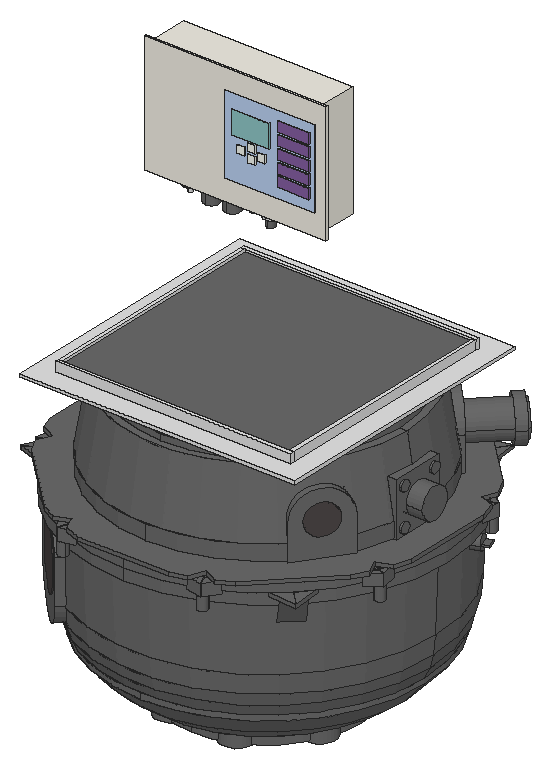
Revit family "280530sc (200)", category Generic Models, Revit 2021 (continued)
Definition of nested family "280530sc (200)_part2_X0Y0"
  Definition of nested family "280530sc (200)_part2_content"
    Forms (mm)
      Revolve 14, solid, detail levels medium+fine
        sketch origin (0, 0, 344.5) x (0, 0, 1) y (-1, 0, 0)
          axis (106.5, 0) -> (0, 0)
        angle from -360 to 0
      Extrusion 15, solid, detail levels medium+fine
        sketch origin (0, 0, 451) x (0, 1, 0) y (-1, 0, 0)
          loop
            circle (0, 0) r 214.5
        from 0 to 10
      Extrusion 16, solid, detail levels medium+fine
        sketch origin (-190, -190, 461) x (0, 1, 0) y (0, 0, 1)
          loop
            line (0, 7.5) -> (0, 0) -> (380, 0) -> (380, 7.5) -> (0, 7.5)
        from 0 to 380
      Extrusion 17, solid, detail levels medium+fine
        sketch origin (0, 0, 461) x (0, 1, 0) y (-1, 0, 0)
          loop
            circle (0, 0) r 208.5
        from 0 to 7.5
      Extrusion 18, solid, detail levels medium+fine
        sketch origin (-222, -222, 468.5) x (0, 1, 0) y (0, 0, 1)
          loop
            line (0, 5) -> (0, 0) -> (444, 0) -> (444, 5) -> (0, 5)
        from 0 to 444
      Extrusion 19, solid, detail levels medium+fine
        sketch origin (-184, -184, 473.5) x (0, 1, 0) y (0, 0, 1)
          loop
            line (0, 12) -> (0, 0) -> (368, 0) -> (368, 12) -> (0, 12)
        from 0 to 368
      Extrusion 20, solid, detail levels medium+fine
        sketch origin (0, 60, 320) x (0, -1, 0) y (0, 0, 1)
          loop
            line (0, 50) -> (0, 0) -> (120, 0) -> (120, 50) -> (0, 50)
        from 0 to 245.5
      Extrusion 21, solid, detail levels medium+fine
        sketch origin (0, 0, 370) x (0, -1, 0) y (0, 0, 1)
          loop
            circle (0, 0) r 60
        from 0 to 245.5
      Extrusion 22, solid, detail levels medium+fine
        sketch origin (-244, 0, 370) x (0, -1, 0) y (0, 0, 1)
          loop
            circle (0, 0) r 35.1
        from 0 to 1.75
      Extrusion 23, solid, detail levels medium+fine
        sketch origin (31.82, -31.82, 320) x (-0.707107, 0.707107, 0) y (0, 0, 1)
          loop
            line (0, 55.25) -> (0, 0) -> (90, 0) -> (90, 55.25) -> (0, 55.25)
        from 0 to 245.5
      Extrusion 24, solid, detail levels medium+fine
        sketch origin (0, 0, 375.25) x (-0.707107, 0.707107, 0) y (0, 0, 1)
          loop
            circle (0, 0) r 45
        from 0 to 245.5
      Extrusion 25, solid, detail levels medium+fine
        sketch origin (0, 0, 370) x (-0.707107, 0.707107, 0) y (0, 0, 1)
          loop
            circle (0, 0) r 27.7
        from 0 to 311.36
      Extrusion 26, solid, detail levels medium+fine
        sketch origin (0, 27.5, 332.75) x (0, 1, 0) y (0, 0, 1)
          loop
            circle (0, 0) r 8
        from 0 to 250
      Extrusion 27, solid, detail levels medium+fine
        sketch origin (0, -46.25, 320) x (0, 1, 0) y (0, 0, 1)
          loop
            line (0, 86.5) -> (0, 0) -> (86.5, 0) -> (86.5, 86.5) -> (0, 86.5)
        from 0 to 245.5
      Extrusion 28, solid, detail levels medium+fine
        sketch origin (0, -3, 363.25) x (0, 1, 0) y (0, 0, 1)
          loop
            circle (0, 0) r 24.75
        from 0 to 272.5
      Extrusion 29, solid, detail levels medium+fine
        sketch origin (0, 27.5, 393.75) x (0, 1, 0) y (0, 0, 1)
          loop
            circle (0, 0) r 8
        from 0 to 250
      Extrusion 30, solid, detail levels medium+fine
        sketch origin (0, -33.5, 332.75) x (0, 1, 0) y (0, 0, 1)
          loop
            circle (0, 0) r 8
        from 0 to 250
      Extrusion 31, solid, detail levels medium+fine
        sketch origin (0, -33.5, 393.75) x (0, 1, 0) y (0, 0, 1)
          loop
            circle (0, 0) r 8
        from 0 to 250
      Extrusion 32, solid, detail levels medium+fine
        sketch origin (-25.811, -36.862, 320) x (0.573577, 0.819152, 0) y (0, 0, 1)
          loop
            line (0, 55.25) -> (0, 0) -> (90, 0) -> (90, 55.25)
            arc (90, 55.25) -> (45, 100.25) -> (0, 55.25) r 45
        from 0 to 245.5
      Extrusion 33, solid, detail levels medium+fine
        sketch origin (199.873, -139.953, 375.25) x (0.573577, 0.819152, 0) y (0, 0, 1)
          loop
            circle (0, 0) r 25
        from 0 to 1.75
      Extrusion 34, solid, detail levels medium+fine
        sketch origin (-53.002, 127.957, 0) x (-0.92388, -0.382683, 0) y (0.382683, -0.92388, 0)
          loop
            circle (0, 0) r 25
        from 0 to 28.5
      Extrusion 35, solid, detail levels medium+fine
        sketch origin (-127.957, -53.002, 0) x (0.382683, -0.92388, 0) y (0.92388, 0.382683, 0)
          loop
            circle (0, 0) r 25
        from 0 to 28.5
      Extrusion 36, solid, detail levels medium+fine
        sketch origin (53.002, -127.957, 0) x (0.92388, 0.382683, 0) y (-0.382683, 0.92388, 0)
          loop
            circle (0, 0) r 25
        from 0 to 28.5
      Extrusion 37, solid, detail levels medium+fine
        sketch origin (53.002, 127.957, 0) x (-0.923879, 0.382684, 0) y (-0.382684, -0.923879, 0)
          loop
            circle (0, 0) r 25
        from 0 to 28.5
      Extrusion 38, solid, detail levels medium+fine
        sketch origin (-127.957, 53.002, 0) x (-0.382684, -0.923879, 0) y (0.923879, -0.382684, 0)
          loop
            circle (0, 0) r 25
        from 0 to 28.5
      Extrusion 39, solid, detail levels medium+fine
        sketch origin (-53.002, -127.957, 0) x (0.923879, -0.382684, 0) y (0.382684, 0.923879, 0)
          loop
            circle (0, 0) r 25
        from 0 to 28.5
      Extrusion 40, solid, detail levels medium+fine
        sketch origin (127.957, -53.002, 0) x (0.382684, 0.923879, 0) y (-0.923879, 0.382684, 0)
          loop
            circle (0, 0) r 25
        from 0 to 28.5
      Extrusion 41, solid, detail levels medium+fine
        sketch origin (127.957, 53.002, 0) x (-0.382683, 0.92388, 0) y (-0.92388, -0.382683, 0)
          loop
            circle (0, 0) r 25
        from 0 to 28.5
      Extrusion 42, solid, detail levels medium+fine
        sketch origin (0, 0, 209) x (0, -1, 0) y (0, 0, 1)
          loop
            line (-72.693, 35.337) -> (-68.918, -37.767)
            arc (-68.918, -37.767) -> (-63.198, -56.139) -> (-50.593, -70.678) r 46.983
            line (-50.593, -70.678) -> (-49.193, -71.697)
            arc (-49.193, -71.697) -> (-25.794, -83.147) -> (0, -86.788) r 83.079
            arc (0, -86.788) -> (25.794, -83.147) -> (49.193, -71.697) r 83.079
            line (49.193, -71.697) -> (50.593, -70.678)
            arc (50.593, -70.678) -> (63.198, -56.139) -> (68.918, -37.767) r 46.983
            line (68.918, -37.767) -> (72.693, 35.337)
            arc (72.693, 35.337) -> (71.616, 38.805) -> (69.783, 41.939) r 15.989
            arc (69.783, 41.939) -> (60.032, 51.336) -> (48.652, 58.679) r 69.984
            line (48.652, 58.679) -> (47.252, 59.417)
            arc (47.252, 59.417) -> (24.369, 68.322) -> (0, 71.344) r 99.373
            arc (0, 71.344) -> (-24.369, 68.322) -> (-47.252, 59.417) r 99.373
            line (-47.252, 59.417) -> (-48.652, 58.679)
            arc (-48.652, 58.679) -> (-60.032, 51.336) -> (-69.783, 41.939) r 69.984
            arc (-69.783, 41.939) -> (-71.616, 38.805) -> (-72.693, 35.337) r 15.989
        from 0 to 277.5
      Extrusion 43, solid, detail levels medium+fine
        sketch origin (0, 0, 209) x (0, -1, 0) y (0, 0, 1)
          loop
            circle (0, 0) r 55
        from 0 to 326
      Extrusion 44, solid, detail levels medium+fine
        sketch origin (0, 0, 209) x (0.707107, -0.707107, 0) y (0, 0, 1)
          loop
            line (-72.693, 35.337) -> (-68.918, -37.767)
            arc (-68.918, -37.767) -> (-63.198, -56.139) -> (-50.593, -70.678) r 46.983
            line (-50.593, -70.678) -> (-49.193, -71.697)
            arc (-49.193, -71.697) -> (-25.794, -83.147) -> (0, -86.788) r 83.079
            arc (0, -86.788) -> (25.794, -83.147) -> (49.193, -71.697) r 83.079
            line (49.193, -71.697) -> (50.593, -70.678)
            arc (50.593, -70.678) -> (63.198, -56.139) -> (68.918, -37.767) r 46.983
            line (68.918, -37.767) -> (72.693, 35.337)
            arc (72.693, 35.337) -> (71.616, 38.805) -> (69.783, 41.939) r 15.989
            arc (69.783, 41.939) -> (60.032, 51.336) -> (48.652, 58.679) r 69.984
            line (48.652, 58.679) -> (47.252, 59.417)
            arc (47.252, 59.417) -> (24.369, 68.322) -> (0, 71.344) r 99.373
            arc (0, 71.344) -> (-24.369, 68.322) -> (-47.252, 59.417) r 99.373
            line (-47.252, 59.417) -> (-48.652, 58.679)
            arc (-48.652, 58.679) -> (-60.032, 51.336) -> (-69.783, 41.939) r 69.984
            arc (-69.783, 41.939) -> (-71.616, 38.805) -> (-72.693, 35.337) r 15.989
        from 0 to 277.5
      Extrusion 45, solid, detail levels medium+fine
        sketch origin (0, 0, 209) x (-0.707107, -0.707107, 0) y (0, 0, 1)
          loop
            line (-72.693, 35.337) -> (-68.918, -37.767)
            arc (-68.918, -37.767) -> (-63.198, -56.139) -> (-50.593, -70.678) r 46.983
            line (-50.593, -70.678) -> (-49.193, -71.697)
            arc (-49.193, -71.697) -> (-25.794, -83.147) -> (0, -86.788) r 83.079
            arc (0, -86.788) -> (25.794, -83.147) -> (49.193, -71.697) r 83.079
            line (49.193, -71.697) -> (50.593, -70.678)
            arc (50.593, -70.678) -> (63.198, -56.139) -> (68.918, -37.767) r 46.983
            line (68.918, -37.767) -> (72.693, 35.337)
            arc (72.693, 35.337) -> (71.616, 38.805) -> (69.783, 41.939) r 15.989
            arc (69.783, 41.939) -> (60.032, 51.336) -> (48.652, 58.679) r 69.984
            line (48.652, 58.679) -> (47.252, 59.417)
            arc (47.252, 59.417) -> (24.369, 68.322) -> (0, 71.344) r 99.373
            arc (0, 71.344) -> (-24.369, 68.322) -> (-47.252, 59.417) r 99.373
            line (-47.252, 59.417) -> (-48.652, 58.679)
            arc (-48.652, 58.679) -> (-60.032, 51.336) -> (-69.783, 41.939) r 69.984
            arc (-69.783, 41.939) -> (-71.616, 38.805) -> (-72.693, 35.337) r 15.989
        from 0 to 277.5
      Extrusion 46, solid, detail levels medium+fine
        sketch origin (-195.161, -195.161, 209) x (0.707107, -0.707107, 0) y (0, 0, 1)
          loop
            circle (0, 0) r 50.1
        from 0 to 1.75
      Extrusion 47, solid, detail levels medium+fine
        sketch origin (-195.162, 195.162, 209) x (-0.707107, -0.707107, 0) y (0, 0, 1)
          loop
            circle (0, 0) r 50.1
        from 0 to 1.75
      Extrusion 48, solid, detail levels medium+fine
        sketch origin (3.25, -5.129, 264.5) x (-0.34202, 0.939693, 0) y (0, 0, 1)
          loop
            circle (0, 0) r 11
        from 0 to 288
      Extrusion 49, solid, detail levels medium+fine
        sketch origin (7.75, -12.923, 263) x (-0.34202, 0.939693, 0) y (0, 0, 1)
          loop
            line (0, 3) -> (0, 0) -> (18, 0) -> (18, 3) -> (0, 3)
        from 0 to 298
      Extrusion 50, solid, detail levels medium+fine
        sketch origin (272.082, 112.7, 273) x (-0.382683, 0.92388, 0) y (-0.92388, -0.382683, 0)
          loop
            circle (0, 0) r 7.75
        from 0 to 21.5
      Extrusion 51, solid, detail levels medium+fine
        sketch origin (265.153, 109.83, 314) x (0.92388, 0.382683, 0) y (0.382683, -0.92388, 0)
          loop
            line (17, 0) -> (0, 0) -> (0, -25) -> (17, 0)
        from 0 to 19.5
      Extrusion 52, solid, detail levels medium+fine
        sketch origin (265.153, 109.83, 294.5) x (0.382683, -0.92388, 0) y (0.92388, 0.382683, 0)
          loop
            line (0, 17) -> (0, 0) -> (25, 0) -> (0, 17)
        from 0 to 19.5
      Extrusion 53, solid, detail levels medium+fine
        sketch origin (220.165, 220.165, 370) x (-0.707107, 0.707107, 0) y (0, 0, 1)
          loop
            circle (0, 0) r 34.75
        from 0 to 15.7
      Extrusion 54, solid, detail levels medium+fine
        sketch origin (230.559, 230.559, 370) x (-0.707107, 0.707107, 0) y (0, 0, 1)
          loop
            circle (0, 0) r 27.7
        from 0 to 4.8
      Extrusion 55, solid, detail levels medium+fine
        sketch origin (232.893, 232.893, 370) x (-0.707107, 0.707107, 0) y (0, 0, 1)
          loop
            circle (0, 0) r 20
        from 0 to 1.7
      Extrusion 56, solid, detail levels medium+fine
        sketch origin (225.963, 240.105, 364) x (-0.707107, 0.707107, 0) y (0, 0, 1)
          loop
            circle (0, 0) r 4.2
        from 0 to 1.8
      Extrusion 57, solid, detail levels medium+fine
        sketch origin (240.105, 225.963, 364) x (-0.707107, 0.707107, 0) y (0, 0, 1)
          loop
            circle (0, 0) r 4.2
        from 0 to 1.8
      Extrusion 58, solid, detail levels medium+fine
        sketch origin (240.105, 225.963, 376) x (-0.707107, 0.707107, 0) y (0, 0, 1)
          loop
            circle (0, 0) r 4.2
        from 0 to 1.8
      Extrusion 59, solid, detail levels medium+fine
        sketch origin (225.963, 240.105, 376) x (-0.707107, 0.707107, 0) y (0, 0, 1)
          loop
            circle (0, 0) r 4.2
        from 0 to 1.8
      Extrusion 60, solid, detail levels medium+fine
        sketch origin (-259.107, -87.843, 294.5) x (-0.92388, -0.382683, 0) y (0, 0, -1)
          loop
            line (0, 48.5) -> (0, 0) -> (29.9, 0) -> (0, 48.5)
        from 0 to 36
      Extrusion 61, solid, detail levels medium+fine
        sketch origin (-272.082, -112.7, 273) x (0.382683, -0.92388, 0) y (0.92388, 0.382683, 0)
          loop
            circle (0, 0) r 7.75
        from 0 to 21.5
      Extrusion 62, solid, detail levels medium+fine
        sketch origin (-265.153, -109.83, 300) x (-0.92388, -0.382683, 0) y (-0.382683, 0.92388, 0)
          loop
            line (36.5, 0) -> (0, 0) -> (0, -32) -> (36.5, 0)
        from 0 to 5.5
      Extrusion 63, solid, detail levels medium+fine
        sketch origin (-265.153, -109.83, 314) x (-0.92388, -0.382683, 0) y (-0.382683, 0.92388, 0)
          loop
            line (17, 0) -> (0, 0) -> (0, -25) -> (17, 0)
        from 0 to 14
      Extrusion 64, solid, detail levels medium+fine
        sketch origin (-265.153, -109.83, 294.5) x (-0.382683, 0.92388, 0) y (-0.92388, -0.382683, 0)
          loop
            line (0, 36.5) -> (0, 0) -> (32, 0) -> (0, 36.5)
        from 0 to 5.5
      Extrusion 65, solid, detail levels medium+fine
        sketch origin (-265.153, -109.83, 300) x (-0.382683, 0.92388, 0) y (-0.92388, -0.382683, 0)
          loop
            line (0, 17) -> (0, 0) -> (25, 0) -> (0, 17)
        from 0 to 14
      Extrusion 66, solid, detail levels medium+fine
        sketch origin (-245.331, 121.102, 294.5) x (-0.923879, 0.382684, 0) y (0, 0, -1)
          loop
            line (0, 48.5) -> (0, 0) -> (29.9, 0) -> (0, 48.5)
        from 0 to 36
      Extrusion 67, solid, detail levels medium+fine
        sketch origin (-272.082, 112.7, 273) x (-0.382684, -0.923879, 0) y (0.923879, -0.382684, 0)
          loop
            circle (0, 0) r 7.75
        from 0 to 21.5
      Extrusion 68, solid, detail levels medium+fine
        sketch origin (-265.153, 109.83, 300) x (-0.923879, 0.382684, 0) y (0.382684, 0.923879, 0)
          loop
            line (36.5, 0) -> (0, 0) -> (0, -32) -> (36.5, 0)
        from 0 to 5.5
      Extrusion 69, solid, detail levels medium+fine
        sketch origin (-265.153, 109.83, 314) x (-0.923879, 0.382684, 0) y (0.382684, 0.923879, 0)
          loop
            line (17, 0) -> (0, 0) -> (0, -25) -> (17, 0)
        from 0 to 14
      Extrusion 70, solid, detail levels medium+fine
        sketch origin (-265.153, 109.83, 294.5) x (0.382684, 0.923879, 0) y (-0.923879, 0.382684, 0)
          loop
            line (0, 36.5) -> (0, 0) -> (32, 0) -> (0, 36.5)
        from 0 to 5.5
      Extrusion 71, solid, detail levels medium+fine
        sketch origin (-265.153, 109.83, 300) x (0.382684, 0.923879, 0) y (-0.923879, 0.382684, 0)
          loop
            line (0, 17) -> (0, 0) -> (25, 0) -> (0, 17)
        from 0 to 14
      Extrusion 72, solid, detail levels medium+fine
        sketch origin (-190, 184, 473.5) x (0, 1, 0) y (0, 0, 1)
          loop
            line (0, 15) -> (0, 0) -> (6, 0) -> (6, 15) -> (0, 15)
        from 0 to 380
      Extrusion 73, solid, detail levels medium+fine
        sketch origin (-190, -190, 473.5) x (0, 1, 0) y (0, 0, 1)
          loop
            line (0, 15) -> (0, 0) -> (6, 0) -> (6, 15) -> (0, 15)
        from 0 to 380
      Extrusion 74, solid, detail levels medium+fine
        sketch origin (-190, -184, 473.5) x (0, 1, 0) y (0, 0, 1)
          loop
            line (0, 15) -> (0, 0) -> (368, 0) -> (368, 15) -> (0, 15)
        from 0 to 6
      Extrusion 75, solid, detail levels medium+fine
        sketch origin (184, -184, 473.5) x (0, 1, 0) y (0, 0, 1)
          loop
            line (0, 15) -> (0, 0) -> (368, 0) -> (368, 15) -> (0, 15)
        from 0 to 6
      Extrusion 76, solid, detail levels medium+fine
        sketch origin (180.312, -205.768, 294.5) x (0.707106, -0.707107, 0) y (0, 0, -1)
          loop
            line (0, 48.5) -> (0, 0) -> (29.9, 0) -> (0, 48.5)
        from 0 to 36
      Extrusion 77, solid, detail levels medium+fine
        sketch origin (202.939, -202.939, 300) x (0.707106, -0.707107, 0) y (-0.707107, -0.707106, 0)
          loop
            line (36.5, 0) -> (0, 0) -> (0, -32) -> (36.5, 0)
        from 0 to 5.5
      Extrusion 78, solid, detail levels medium+fine
        sketch origin (202.939, -202.939, 294.5) x (-0.707107, -0.707106, 0) y (0.707106, -0.707107, 0)
          loop
            line (0, 36.5) -> (0, 0) -> (32, 0) -> (0, 36.5)
        from 0 to 5.5
      Extrusion 79, solid, detail levels medium+fine
        sketch origin (171.331, 213.304, 294.5) x (0.573577, 0.819151, 0) y (0, 0, -1)
          loop
            line (0, 48.5) -> (0, 0) -> (29.9, 0) -> (0, 48.5)
        from 0 to 36
      Extrusion 80, solid, detail levels medium+fine
        sketch origin (164.616, 235.097, 294.5) x (0.819151, -0.573577, 0) y (0.573577, 0.819151, 0)
          loop
            line (0, 36.5) -> (0, 0) -> (32, 0) -> (0, 36.5)
        from 0 to 5.5
      Extrusion 81, solid, detail levels medium+fine
        sketch origin (164.616, 235.097, 300) x (0.573577, 0.819151, 0) y (0.819151, -0.573577, 0)
          loop
            line (36.5, 0) -> (0, 0) -> (0, -32) -> (36.5, 0)
        from 0 to 5.5
      Extrusion 82, solid, detail levels medium+fine
        sketch origin (109.83, 265.153, 294.5) x (0.923879, -0.382684, 0) y (0.382684, 0.923879, 0)
          loop
            line (0, 17) -> (0, 0) -> (25, 0) -> (0, 17)
        from 0 to 19.5
      Extrusion 83, solid, detail levels medium+fine
        sketch origin (112.7, 272.082, 273) x (-0.923879, 0.382684, 0) y (-0.382684, -0.923879, 0)
          loop
            circle (0, 0) r 7.75
        from 0 to 21.5
      Extrusion 84, solid, detail levels medium+fine
        sketch origin (109.83, 265.153, 314) x (0.382684, 0.923879, 0) y (0.923879, -0.382684, 0)
          loop
            line (17, 0) -> (0, 0) -> (0, -25) -> (17, 0)
        from 0 to 19.5
      Extrusion 85, solid, detail levels medium+fine
        sketch origin (-112.7, 272.082, 273) x (-0.92388, -0.382683, 0) y (0.382683, -0.92388, 0)
          loop
            circle (0, 0) r 7.75
        from 0 to 21.5
      Extrusion 86, solid, detail levels medium+fine
        sketch origin (-109.83, 265.153, 314) x (-0.382683, 0.92388, 0) y (0.92388, 0.382683, 0)
          loop
            line (17, 0) -> (0, 0) -> (0, -25) -> (17, 0)
        from 0 to 19.5
      Extrusion 87, solid, detail levels medium+fine
        sketch origin (-109.83, 265.153, 294.5) x (0.92388, 0.382683, 0) y (-0.382683, 0.92388, 0)
          loop
            line (0, 17) -> (0, 0) -> (25, 0) -> (0, 17)
        from 0 to 19.5
      Extrusion 88, solid, detail levels medium+fine
        sketch origin (272.082, -112.7, 273) x (0.382684, 0.923879, 0) y (-0.923879, 0.382684, 0)
          loop
            circle (0, 0) r 7.75
        from 0 to 21.5
      Extrusion 89, solid, detail levels medium+fine
        sketch origin (265.153, -109.83, 294.5) x (-0.382684, -0.923879, 0) y (0.923879, -0.382684, 0)
          loop
            line (0, 17) -> (0, 0) -> (25, 0) -> (0, 17)
        from 0 to 19.5
      Extrusion 90, solid, detail levels medium+fine
        sketch origin (265.153, -109.83, 314) x (0.923879, -0.382684, 0) y (-0.382684, -0.923879, 0)
          loop
            line (17, 0) -> (0, 0) -> (0, -25) -> (17, 0)
        from 0 to 19.5
      Extrusion 91, solid, detail levels medium+fine
        sketch origin (112.7, -272.082, 273) x (0.92388, 0.382683, 0) y (-0.382683, 0.92388, 0)
          loop
            circle (0, 0) r 7.75
        from 0 to 21.5
      Extrusion 92, solid, detail levels medium+fine
        sketch origin (109.83, -265.153, 314) x (0.382683, -0.92388, 0) y (-0.92388, -0.382683, 0)
          loop
            line (17, 0) -> (0, 0) -> (0, -25) -> (17, 0)
        from 0 to 19.5
      Extrusion 93, solid, detail levels medium+fine
        sketch origin (109.83, -265.153, 294.5) x (-0.92388, -0.382683, 0) y (0.382683, -0.92388, 0)
          loop
            line (0, 17) -> (0, 0) -> (25, 0) -> (0, 17)
        from 0 to 19.5
      Extrusion 94, solid, detail levels medium+fine
        sketch origin (-112.7, -272.082, 273) x (0.923879, -0.382684, 0) y (0.382684, 0.923879, 0)
          loop
            circle (0, 0) r 7.75
        from 0 to 21.5
      Extrusion 95, solid, detail levels medium+fine
        sketch origin (-109.83, -265.153, 294.5) x (-0.923879, 0.382684, 0) y (-0.382684, -0.923879, 0)
          loop
            line (0, 17) -> (0, 0) -> (25, 0) -> (0, 17)
        from 0 to 19.5
      Extrusion 96, solid, detail levels medium+fine
        sketch origin (-109.83, -265.153, 314) x (-0.382684, -0.923879, 0) y (-0.923879, 0.382684, 0)
          loop
            line (17, 0) -> (0, 0) -> (0, -25) -> (17, 0)
        from 0 to 19.5
      Extrusion 97, solid, detail levels coarse
        sketch origin (-17.478, 0, 0) x (1, 0, 0) y (0, 1, 0)
          loop
            line (-308.522, -291.044) -> (308.522, -291.044) -> (308.522, 291.044) -> (-308.522, 291.044) -> (-308.522, -291.044)
        from 0 to 488.5
    Dimensions and locks
      aligned and locked: level to plane 2
